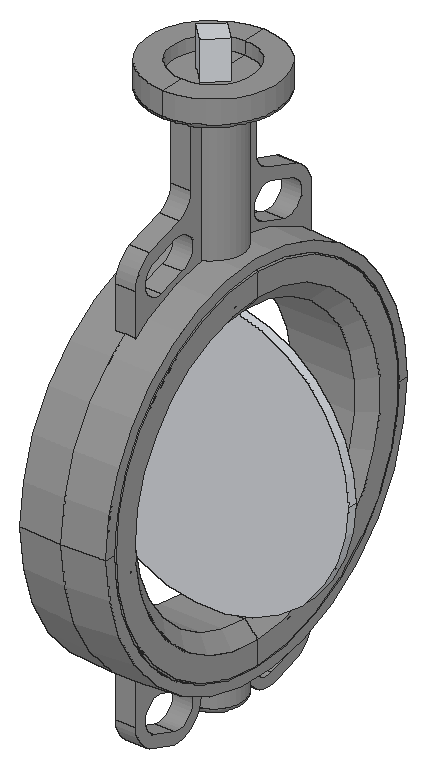
Revit family "Запорно-регулирующая заслонка ZF-4219", category Rohrzubehör, Revit 2019 (continued)
Automatic sketch dimensions
  Extrusion 8 sketch curve to Extrusion 8 sketch curve = 9.76 mm  (x2)
  Extrusion 8 sketch curve to Extrusion 8 sketch curve = 46.144 mm
  Extrusion 8 sketch curve to Extrusion 8 sketch curve = 0.006 mm
  Extrusion 8 sketch curve to Extrusion 8 sketch curve = 0.159 mm  (x2)
  Extrusion 8 sketch curve to Extrusion 8 sketch curve = 0.225 mm  (x2)
  Extrusion 8 sketch curve to Extrusion 8 sketch curve = 3.156 mm
  Extrusion 7 sketch curve to Extrusion 7 sketch curve = 0 mm  (x29)
  Extrusion 7 sketch curve to level = 0 mm
  Extrusion 7 sketch curve to plane 1 "Mitte (Vorne/hinten)" = 0 mm
  Extrusion 7 sketch curve to Extrusion 7 sketch curve = 4.987 mm  (x2)
  plane 1 "Mitte (Vorne/hinten)" to Extrusion 7 sketch curve = 42.642 mm
  Extrusion 7 sketch curve to Extrusion 7 sketch curve = 3.28 mm  (x2)
  Extrusion 7 sketch curve to Extrusion 7 sketch curve = 14.935 mm  (x2)
  Extrusion 7 sketch curve to Extrusion 7 sketch curve = 11.589 mm  (x2)
  Extrusion 7 sketch curve to Extrusion 7 sketch curve = 14.868 mm  (x2)
  Extrusion 7 sketch curve to Extrusion 7 sketch curve = 33.628 mm  (x4)
  Extrusion 7 sketch curve to Extrusion 7 sketch curve = 3.946 mm  (x4)
  Extrusion 7 sketch curve to Extrusion 7 sketch curve = 12.021 mm  (x8)
  Extrusion 7 sketch curve to Extrusion 7 sketch curve = 8.075 mm  (x8)
  plane 1 "Mitte (Vorne/hinten)" to Extrusion 7 sketch curve = 21.03 mm
  Extrusion 7 sketch curve to Extrusion 7 sketch curve = 5.5 mm
  Extrusion 7 sketch curve to Extrusion 7 sketch curve = 0.54 mm  (x2)
  Extrusion 7 sketch curve to Extrusion 7 sketch curve = 0.103 mm
  Extrusion 7 sketch curve to Extrusion 7 sketch curve = 1.99 mm  (x2)
  plane 1 "Mitte (Vorne/hinten)" to Extrusion 7 sketch curve = 18.5 mm
  Extrusion 7 sketch curve to plane 1 "Mitte (Vorne/hinten)" = 18.5 mm  (x2)
  Extrusion 7 sketch curve to Extrusion 7 sketch curve = 1.897 mm
  Extrusion 7 sketch curve to Extrusion 7 sketch curve = 2 mm
  Extrusion 7 sketch curve to Extrusion 7 sketch curve = 21.612 mm
  Extrusion 7 sketch curve to level = 59.454 mm  (x2)
  Extrusion 7 sketch curve to Extrusion 7 sketch curve = 10.049 mm  (x4)
  Extrusion 7 sketch curve to Extrusion 7 sketch curve = 20.666 mm  (x2)
  Extrusion 7 sketch curve to Extrusion 7 sketch curve = 1.725 mm  (x2)
  Extrusion 7 sketch curve to Extrusion 7 sketch curve = 12.438 mm  (x4)
  level to Extrusion 7 sketch curve = 59.454 mm  (x2)
  Extrusion 7 sketch curve to Extrusion 7 sketch curve = 15.768 mm  (x2)
  Extrusion 7 sketch curve to Extrusion 7 sketch curve = 0.361 mm  (x2)
  Extrusion 7 sketch curve to Extrusion 7 sketch curve = 69.242 mm
  Extrusion 7 sketch curve to Extrusion 7 sketch curve = 0.014 mm
  Extrusion 7 sketch curve to Extrusion 7 sketch curve = 0.29 mm  (x2)
  Extrusion 6 sketch curve to Extrusion 6 sketch curve = 0 mm  (x31)
  Extrusion 6 sketch curve to level = 0 mm
  Extrusion 6 sketch curve to plane 1 "Mitte (Vorne/hinten)" = 0 mm
  plane 1 "Mitte (Vorne/hinten)" to Extrusion 6 sketch curve = 18.5 mm  (x2)
  Extrusion 6 sketch curve to Extrusion 6 sketch curve = 1.897 mm  (x2)
  Extrusion 6 sketch curve to Extrusion 6 sketch curve = 2 mm
  Extrusion 6 sketch curve to Extrusion 6 sketch curve = 4.154 mm  (x2)
  Extrusion 6 sketch curve to Extrusion 6 sketch curve = 5.603 mm
  Extrusion 6 sketch curve to Extrusion 6 sketch curve = 12 mm  (x2)
  Extrusion 6 sketch curve to Extrusion 6 sketch curve = 21.682 mm  (x2)
  Extrusion 6 sketch curve to Extrusion 6 sketch curve = 2.182 mm  (x2)
  Extrusion 6 sketch curve to Extrusion 6 sketch curve = 11.109 mm  (x4)
  Extrusion 6 sketch curve to Extrusion 6 sketch curve = 30.529 mm  (x4)
  Extrusion 6 sketch curve to Extrusion 6 sketch curve = 4.781 mm  (x4)
  Extrusion 6 sketch curve to Extrusion 6 sketch curve = 1.414 mm  (x8)
  Extrusion 6 sketch curve to Extrusion 6 sketch curve = 7.24 mm  (x8)
  Extrusion 6 sketch curve to Extrusion 6 sketch curve = 12.021 mm  (x8)
  Extrusion 6 sketch curve to plane 1 "Mitte (Vorne/hinten)" = 18.5 mm
  Extrusion 6 sketch curve to Extrusion 6 sketch curve = 7.5 mm
  Extrusion 6 sketch curve to Extrusion 6 sketch curve = 0.103 mm
  Extrusion 6 sketch curve to level = 50.036 mm  (x2)
  Extrusion 6 sketch curve to Extrusion 6 sketch curve = 17.112 mm  (x2)
  Extrusion 6 sketch curve to Extrusion 6 sketch curve = 9.185 mm  (x4)
  Extrusion 6 sketch curve to Extrusion 6 sketch curve = 20.608 mm  (x2)
  Extrusion 6 sketch curve to Extrusion 6 sketch curve = 12.868 mm  (x3)
  Extrusion 6 sketch curve to Extrusion 6 sketch curve = 9.096 mm  (x2)
  level to Extrusion 6 sketch curve = 50.036 mm  (x2)
  Extrusion 6 sketch curve to Extrusion 6 sketch curve = 17 mm
  Extrusion 6 sketch curve to Extrusion 6 sketch curve = 56.845 mm
  Extrusion 6 sketch curve to Extrusion 6 sketch curve = 0.017 mm
  Extrusion 6 sketch curve to Extrusion 6 sketch curve = 0.29 mm  (x2)
  Extrusion 5 sketch curve to Extrusion 5 sketch curve = 0 mm  (x25)
  Extrusion 5 sketch curve to level = 0 mm
  Extrusion 5 sketch curve to plane 1 "Mitte (Vorne/hinten)" = 0 mm
  plane 1 "Mitte (Vorne/hinten)" to Extrusion 5 sketch curve = 18.5 mm  (x2)
  Extrusion 5 sketch curve to Extrusion 5 sketch curve = 0.579 mm  (x2)
  Extrusion 5 sketch curve to Extrusion 5 sketch curve = 1.897 mm  (x2)
  Extrusion 5 sketch curve to Extrusion 5 sketch curve = 0.103 mm
  Extrusion 5 sketch curve to Extrusion 5 sketch curve = 5.603 mm
  Extrusion 5 sketch curve to Extrusion 5 sketch curve = 15.942 mm  (x4)
  Extrusion 5 sketch curve to Extrusion 5 sketch curve = 13 mm  (x2)
  Extrusion 5 sketch curve to Extrusion 5 sketch curve = 11.367 mm  (x4)
  Extrusion 5 sketch curve to Extrusion 5 sketch curve = 25.663 mm  (x4)
  Extrusion 5 sketch curve to Extrusion 5 sketch curve = 4.027 mm  (x4)
  Extrusion 5 sketch curve to Extrusion 5 sketch curve = 12.021 mm  (x5)
  Extrusion 5 sketch curve to Extrusion 5 sketch curve = 9.55 mm  (x4)
  Extrusion 5 sketch curve to Extrusion 5 sketch curve = 7.5 mm
  Extrusion 5 sketch curve to plane 1 "Mitte (Vorne/hinten)" = 18.5 mm  (x2)
  Extrusion 5 sketch curve to Extrusion 5 sketch curve = 2 mm
  Extrusion 5 sketch curve to level = 38.887 mm  (x2)
  Extrusion 5 sketch curve to Extrusion 5 sketch curve = 10.986 mm  (x3)
  Extrusion 5 sketch curve to Extrusion 5 sketch curve = 10.231 mm  (x3)
  Extrusion 5 sketch curve to Extrusion 5 sketch curve = 10.467 mm  (x4)
  Extrusion 5 sketch curve to Extrusion 5 sketch curve = 12.18 mm  (x2)
  Extrusion 5 sketch curve to Extrusion 5 sketch curve = 12.641 mm  (x4)
  Extrusion 5 sketch curve to Extrusion 5 sketch curve = 9.983 mm  (x2)
  level to Extrusion 5 sketch curve = 38.887 mm  (x2)
  Extrusion 5 sketch curve to Extrusion 5 sketch curve = 21.217 mm
  Extrusion 5 sketch curve to Extrusion 5 sketch curve = 16.969 mm  (x2)
  Extrusion 5 sketch curve to Extrusion 5 sketch curve = 51.117 mm
  Extrusion 5 sketch curve to Extrusion 5 sketch curve = 0.01 mm
  Extrusion 5 sketch curve to Extrusion 5 sketch curve = 0.29 mm  (x2)
  level to Extrusion 5 sketch curve = 49.873 mm
  Extrusion 4 sketch curve to Extrusion 4 sketch curve = 0 mm  (x28)
  Extrusion 4 sketch curve to level = 0 mm
  Extrusion 4 sketch curve to plane 1 "Mitte (Vorne/hinten)" = 0 mm
  plane 1 "Mitte (Vorne/hinten)" to Extrusion 4 sketch curve = 18.5 mm  (x2)
  Extrusion 4 sketch curve to Extrusion 4 sketch curve = 1.897 mm  (x2)
  Extrusion 4 sketch curve to Extrusion 4 sketch curve = 0.103 mm  (x2)
  Extrusion 4 sketch curve to Extrusion 4 sketch curve = 5.603 mm  (x2)
  Extrusion 4 sketch curve to Extrusion 4 sketch curve = 12.115 mm  (x4)
  Extrusion 4 sketch curve to Extrusion 4 sketch curve = 9 mm  (x2)
  Extrusion 4 sketch curve to Extrusion 4 sketch curve = 11.39 mm  (x2)
  Extrusion 4 sketch curve to Extrusion 4 sketch curve = 7.005 mm  (x2)
  Extrusion 4 sketch curve to Extrusion 4 sketch curve = 22.772 mm  (x4)
  Extrusion 4 sketch curve to Extrusion 4 sketch curve = 4.597 mm  (x4)
  Extrusion 4 sketch curve to Extrusion 4 sketch curve = 1.485 mm  (x4)
  Extrusion 4 sketch curve to Extrusion 4 sketch curve = 12.021 mm  (x4)
  Extrusion 4 sketch curve to Extrusion 4 sketch curve = 9.247 mm  (x4)
  Extrusion 4 sketch curve to plane 1 "Mitte (Vorne/hinten)" = 18.5 mm  (x2)
  Extrusion 4 sketch curve to level = 31.935 mm  (x2)
  Extrusion 4 sketch curve to Extrusion 4 sketch curve = 1.34 mm  (x4)
  Extrusion 4 sketch curve to Extrusion 4 sketch curve = 10.245 mm  (x4)
  Extrusion 4 sketch curve to Extrusion 4 sketch curve = 9.866 mm  (x4)
  Extrusion 4 sketch curve to Extrusion 4 sketch curve = 9.447 mm  (x4)
  Extrusion 4 sketch curve to Extrusion 4 sketch curve = 11.077 mm  (x4)
  Extrusion 4 sketch curve to Extrusion 4 sketch curve = 11.926 mm  (x2)
  level to Extrusion 4 sketch curve = 31.935 mm  (x2)
  Extrusion 4 sketch curve to Extrusion 4 sketch curve = 12.62 mm  (x2)
  Extrusion 4 sketch curve to Extrusion 4 sketch curve = 12.99 mm  (x2)
  Extrusion 4 sketch curve to Extrusion 4 sketch curve = 41.354 mm
  Extrusion 4 sketch curve to Extrusion 4 sketch curve = 0.018 mm
  Extrusion 4 sketch curve to Extrusion 4 sketch curve = 0.29 mm  (x2)
  Extrusion 3 sketch curve to Extrusion 3 sketch curve = 0 mm  (x23)
  Extrusion 3 sketch curve to level = 0 mm
  Extrusion 3 sketch curve to plane 1 "Mitte (Vorne/hinten)" = 0 mm
  plane 1 "Mitte (Vorne/hinten)" to Extrusion 3 sketch curve = 18 mm
  Extrusion 3 sketch curve to Extrusion 3 sketch curve = 1.897 mm  (x2)
  Extrusion 3 sketch curve to Extrusion 3 sketch curve = 0.103 mm  (x2)
  plane 1 "Mitte (Vorne/hinten)" to Extrusion 3 sketch curve = 22.391 mm
  Extrusion 3 sketch curve to Extrusion 3 sketch curve = 1.414 mm  (x14)
  Extrusion 3 sketch curve to Extrusion 3 sketch curve = 6.103 mm  (x2)
  Extrusion 3 sketch curve to Extrusion 3 sketch curve = 2 mm  (x2)
  Extrusion 3 sketch curve to Extrusion 3 sketch curve = 7.709 mm  (x4)
  Extrusion 3 sketch curve to Extrusion 3 sketch curve = 13.318 mm  (x5)
  Extrusion 3 sketch curve to Extrusion 3 sketch curve = 15.842 mm  (x5)
  Extrusion 3 sketch curve to Extrusion 3 sketch curve = 10.233 mm
  Extrusion 3 sketch curve to Extrusion 3 sketch curve = 3.184 mm  (x7)
  Extrusion 3 sketch curve to Extrusion 3 sketch curve = 6.315 mm  (x8)
  Extrusion 3 sketch curve to Extrusion 3 sketch curve = 3.021 mm  (x4)
  Extrusion 3 sketch curve to Extrusion 3 sketch curve = 5.303 mm  (x8)
  Extrusion 3 sketch curve to level = 23.805 mm  (x2)
  Extrusion 3 sketch curve to Extrusion 3 sketch curve = 3.106 mm  (x6)
  level to Extrusion 3 sketch curve = 23.805 mm  (x2)
  Extrusion 3 sketch curve to Extrusion 3 sketch curve = 6.654 mm  (x4)
  Extrusion 3 sketch curve to Extrusion 3 sketch curve = 9.77 mm  (x4)
  Extrusion 3 sketch curve to plane 1 "Mitte (Vorne/hinten)" = 18 mm
  Extrusion 3 sketch curve to plane 1 "Mitte (Vorne/hinten)" = 22.391 mm
  Extrusion 3 sketch curve to Extrusion 3 sketch curve = 5.708 mm  (x2)
  Extrusion 3 sketch curve to Extrusion 3 sketch curve = 3.131 mm
  level to Extrusion 3 sketch curve = 42.831 mm
  Extrusion 3 sketch curve to Extrusion 3 sketch curve = 4.045 mm
  Extrusion 3 sketch curve to Extrusion 3 sketch curve = 12.379 mm
  Extrusion 3 sketch curve to Extrusion 3 sketch curve = 68.43 mm
  Extrusion 3 sketch curve to Extrusion 3 sketch curve = 0.003 mm
  Extrusion 3 sketch curve to Extrusion 3 sketch curve = 0.316 mm  (x2)
  curve 12 to level = 0 mm
  curve 12 to plane 3 "Mitte (Links/rechts)" = 0 mm
  plane 1 "Mitte (Vorne/hinten)" to curve 6 = 0 mm
  curve 6 to plane 3 "Mitte (Links/rechts)" = 0 mm
  Revolve 1 sketch curve to plane 1 "Mitte (Vorne/hinten)" = 0 mm
  Revolve 1 sketch curve to Revolve 1 sketch curve = 0.987 mm
  Revolve 1 sketch curve to Revolve 1 sketch curve = 1.5 mm  (x3)
  Revolve 1 sketch curve to Revolve 1 sketch curve = 0.513 mm  (x2)
  Revolve 1 sketch curve to Revolve 1 sketch curve = 0.915 mm  (x2)
  Revolve 1 sketch curve to Revolve 1 sketch curve = 1978.5 mm  (x2)
  Revolve 11 sketch curve to plane 1 "Mitte (Vorne/hinten)" = 0 mm  (x2)
  Revolve 11 sketch curve to Revolve 11 sketch curve = 3 mm
  Revolve 11 sketch curve to Revolve 11 sketch curve = 459.992 mm
  level to Revolve 11 sketch curve = 2741.474 mm
  Revolve 12 sketch curve to plane 1 "Mitte (Vorne/hinten)" = 0 mm  (x3)
  Revolve 12 sketch curve to Revolve 12 sketch curve = 1.895 mm
  Revolve 12 sketch curve to Revolve 12 sketch curve = 2 mm  (x2)
  Revolve 12 sketch curve to Revolve 12 sketch curve = 0.105 mm
  Revolve 12 sketch curve to level = 520.992 mm
  Revolve 12 sketch curve to Revolve 12 sketch curve = 2616.474 mm
  Revolve 13 sketch curve to level = 0 mm
  Revolve 13 sketch curve to Revolve 13 sketch curve = 1.492 mm
  Revolve 13 sketch curve to Revolve 13 sketch curve = 0.18 mm  (x2)
  Revolve 13 sketch curve to Revolve 13 sketch curve = 5.027 mm
  Revolve 13 sketch curve to Revolve 13 sketch curve = 1 mm
  Revolve 13 sketch curve to Revolve 13 sketch curve = 0.999 mm  (x2)
  Revolve 13 sketch curve to Revolve 13 sketch curve = 0.27 mm
  Revolve 13 sketch curve to Revolve 13 sketch curve = 0.957 mm
  Revolve 13 sketch curve to Revolve 13 sketch curve = 1328.99 mm
  Revolve 13 sketch curve to Revolve 13 sketch curve = 1875.983 mm
  Extrusion 14 sketch curve to level = 0 mm
  Extrusion 14 sketch curve to plane 3 "Mitte (Links/rechts)" = 0 mm
  radius of Extrusion 10 sketch curve = 12 mm  (x4)
  radius of Extrusion 9 sketch curve = 9.5 mm  (x4)
  radius of Extrusion 9 sketch curve = 14 mm  (x4)
  radius of Extrusion 7 sketch curve = 11.5 mm  (x4)
  radius of Extrusion 7 sketch curve = 9.5 mm  (x4)
  radius of Extrusion 6 sketch curve = 9.5 mm  (x8)
  radius of Extrusion 5 sketch curve = 9.5 mm  (x8)
  radius of Extrusion 4 sketch curve = 9.5 mm  (x8)
  radius of curve 12 = 7 mm
  radius of curve 6 = 5 mm
Nested families
  nested 1: "Herz-Logo-vorne" at (-20, 0, 145.5), type "Herz-Logo-vorne"
Connectors
  piping at (30.75, 0, 0), diameter 200, driven by "Nennweite"
    settings: on Revolve 13, index 1, connector inside diameter 609.6 mm, connector length 0 mm, flow factor 0, pipe flow 0.0 L/s, pressure drop 0.0 Pa, fitting loss kfactor 0, connector angle 0.00°, fixture units 0, engagement length 0 mm, angle of deflection 0.00°, flow configuration 0, flow direction 0, fitting loss method 0, system type 29, joint type 0, gender type 0, connector reference index -1, connector utility 0, adjustable connector no, is connector primary yes, connector description ""
  piping at (-30.75, 0, 0), diameter 200, driven by "Nennweite"
    settings: on Revolve 13, index 2, connector inside diameter 609.6 mm, connector length 0 mm, flow factor 0, pipe flow 0.0 L/s, pressure drop 0.0 Pa, fitting loss kfactor 0, connector angle 0.00°, fixture units 0, engagement length 0 mm, angle of deflection 0.00°, flow configuration 0, flow direction 0, fitting loss method 0, system type 29, joint type 0, gender type 0, connector reference index -1, connector utility 0, adjustable connector no, is connector primary no, connector description ""
Definition of nested family "Herz-Logo-vorne"
  Reference planes
    plane 1 "Mitte (Vorne/hinten)": y = 0
    plane 2: z = 0
    plane 3 "Mitte (Links/rechts)": x = 0
  Forms (mm)
    Extrusion 1, solid
      sketch origin (0.732, -0.018, 0.017) x (0, -1, 0) y (0, 0, 1)
        loop
          line (-0.018, -4.517) -> (4.482, -4.517) -> (4.482, 4.483) -> (-4.518, 4.483) -> (-4.518, -4.517) -> (-0.018, -4.517)
        loop
          line (-0.05, -3.48) -> (3.482, -3.48) -> (3.482, 3.483) -> (-3.518, 3.483) -> (-3.518, -3.48) -> (-0.05, -3.48)
        loop
          arc (-0.018, 2.383) -> (-1.543, 3.287) -> (-3.067, 2.383) r 1.738
          arc (-3.067, 2.383) -> (-3.191, 1.899) -> (-3.067, 1.415) r 1.009
          line (-3.067, 1.415) -> (-0.018, -3.281) -> (3.032, 1.415)
          arc (3.032, 1.415) -> (3.156, 1.899) -> (3.032, 2.383) r 1.009
          arc (3.032, 2.383) -> (1.507, 3.287) -> (-0.018, 2.383) r 1.738
        loop
          arc (1.885, 1.272) -> (2.005, 1.675) -> (1.885, 2.079) r 0.74
          arc (1.885, 2.079) -> (1.265, 2.416) -> (0.644, 2.079) r 0.74
          line (0.644, 2.079) -> (-0.018, 0.97) -> (-0.679, 2.079)
          arc (-0.679, 2.079) -> (-1.3, 2.416) -> (-1.921, 2.079) r 0.74
          arc (-1.921, 2.079) -> (-2.04, 1.675) -> (-1.921, 1.272) r 0.74
          line (-1.921, 1.272) -> (-0.018, -1.658) -> (1.885, 1.272)
      from 0 to 1.5
  Dimensions and locks
    aligned and locked: level to plane 2
